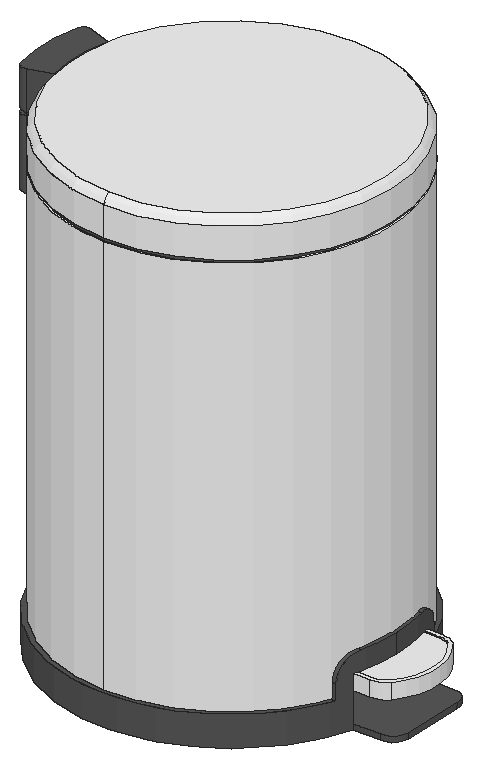
Revit family "DWBN0024_revit", category Generic Models, Revit 2017
Family settings
  Can host rebar = No
  Round Connector Dimension = Use Diameter
  Part Type = Normal
  Work Plane-Based = No
  Always vertical = Yes
  Cut with Voids When Loaded = No
  Shared = No
  Room Calculation Point = No
Parameters
  Website = "https://dolphy.in/"  # constant formula
  Material and Finish = Dolphy_CHROME
  Length = 360 mm
  Contact number = "+91 9520202035"  # constant formula
  Contact email = "info@dolphy.in"  # constant formula
  Company name = "Dolphy India"  # constant formula
Reference planes
  plane 1 "Center (Front/Back)": y = 0
  plane 2: z = 0
  plane 3 "Center (Left/Right)": x = 0
Forms (mm)
  Extrusion 1, solid, material "Dolphy_BLACK"
    sketch origin (0, 0, 0) x (1, 0, 0) y (0, 1, 0)
      loop
        circle (0, 0) r 108
    from 0 to 45
  Extrusion 2, void
    sketch origin (0, 0, 0) x (0, 1, 0) y (0, 0, 1)
      loop
        arc (-40, 30) -> (-35.607, 40.607) -> (-25, 45) r 15
        line (-25, 45) -> (25, 45)
        arc (25, 45) -> (35.607, 40.607) -> (40, 30) r 15
        line (40, 30) -> (40, 20) -> (115, 20) -> (115, 82.223) -> (-115, 82.223) -> (-115, 20) -> (-40, 20) -> (-40, 30)
    from -160.185 to 250
  Extrusion 3, void
    sketch origin (0, 0, 0) x (1, 0, 0) y (0, 0, 1)
      loop
        line (50.547, 20) -> (50.547, 65) -> (-140, 65) -> (-140, 20) -> (50.547, 20)
    from -161.535 to 250
  Extrusion 4, solid, material "Dolphy_CHROME"
    sketch origin (0, 40, 20) x (0, 1, 0) y (-1, 0, 0)
      loop
        circle (-40, 0) r 105
    from 0 to 263
  Extrusion 5, solid, material "Dolphy_BLACK"
    sketch origin (0, 0, 0) x (0, 1, 0) y (1, 0, 0)
      loop
        line (30, 101.908) -> (30, 121.908)
        arc (30, 121.908) -> (27.071, 128.979) -> (20, 131.908) r 10
        line (20, 131.908) -> (-20, 131.908)
        arc (-20, 131.908) -> (-27.071, 128.979) -> (-30, 121.908) r 10
        line (-30, 121.908) -> (-30, 103.04)
        arc (-30, 103.04) -> (-16.1, 105.814) -> (-1.956, 106.744) r 108
        arc (-1.956, 106.744) -> (14.204, 105.528) -> (30, 101.908) r 108
    from 0 to -3.5
  Extrusion 6, void
    sketch origin (0, 0, 0) x (0, 1, 0) y (0, 0, 1)
      loop
        line (-30, 3.5) -> (30, 3.5) -> (30, 27.943)
        arc (30, 27.943) -> (28.536, 31.478) -> (25, 32.943) r 5
        line (25, 32.943) -> (0, 32.943) -> (-25, 32.943)
        arc (-25, 32.943) -> (-28.536, 31.478) -> (-30, 27.943) r 5
        line (-30, 27.943) -> (-30, 3.5)
    from 64.118 to 122.795
  Extrusion 7, solid, material "Dolphy_CHROME"
    sketch origin (0.814, -5, 0) x (0, 1, 0) y (1, 0, 0)
      loop
        line (-25, 88.056) -> (35, 88.056) -> (35, 113.581)
        arc (35, 113.581) -> (33.689, 119.533) -> (30, 124.384) r 14.171
        arc (30, 124.384) -> (5, 133.565) -> (-20, 124.384) r 38.63
        arc (-20, 124.384) -> (-23.689, 119.533) -> (-25, 113.581) r 14.171
        line (-25, 113.581) -> (-25, 88.056)
    from -32.943 to -22.943
  Extrusion 8, void
    sketch origin (0.814, -5, 32.943) x (-1, 0, 0) y (0, 1, 0)
      loop
        line (-88.056, 32.5) -> (-113.581, 32.5)
        arc (-113.581, 32.5) -> (-118.483, 31.421) -> (-122.479, 28.382) r 11.671
        arc (-122.479, 28.382) -> (-131.065, 5) -> (-122.479, -18.382) r 36.13
        arc (-122.479, -18.382) -> (-118.483, -21.421) -> (-113.581, -22.5) r 11.671
        line (-113.581, -22.5) -> (-88.056, -22.5) -> (-88.056, 32.5)
    from 0 to 0.8
  Extrusion 9, void
    sketch origin (0, 40, 283) x (0, 1, 0) y (-1, 0, 0)
      loop
        circle (-40, 0) r 100
    from -237.057 to 0
  Extrusion 10, solid, material "Dolphy_BLACK"
    sketch origin (0, 40, 283) x (0, 1, 0) y (-1, 0, 0)
      loop
        circle (-40, 0) r 100
      loop
        circle (-40, 0) r 104
    from 0 to 2
  Extrusion 11, solid, material "Dolphy_CHROME"
    sketch origin (0, 40, 285) x (0, 1, 0) y (-1, 0, 0)
      loop
        circle (-40, 0) r 105
    from 0 to 25
  Sweep 12, void
    path in 3D
      loop
        arc (0, -105, 310) -> (-105, 0, 310) -> (0, 105, 310) r 105
        arc (0, 105, 310) -> (105, 0, 310) -> (0, -105, 310) r 105
    profile origin (105, 0, 310) x (1, 0, 0) y (0, 0, 1)
      loop
        arc (-7.288, 2.67) -> (-0.011, -5.411) -> (3.051, -15.847) r 24.496
        line (3.051, -15.847) -> (6.426, -15.847) -> (6.426, 2.67) -> (-7.288, 2.67)
  Extrusion 13, solid, material "Dolphy_BLACK"
    sketch origin (0, 40, 310) x (0, 1, 0) y (-1, 0, 0)
      loop
        line (-18.559, 98.586) -> (-13.346, 112.908)
        arc (-13.346, 112.908) -> (-13.598, 116.906) -> (-16.703, 119.435) r 5
        arc (-16.703, 119.435) -> (-40, 122.618) -> (-63.297, 119.435) r 86.853
        arc (-63.297, 119.435) -> (-66.402, 116.906) -> (-66.654, 112.908) r 5
        line (-66.654, 112.908) -> (-61.441, 98.586)
        arc (-61.441, 98.586) -> (-40, 100.89) -> (-18.559, 98.586) r 100.89
    from -25 to 0
  Extrusion 14, solid, material "Dolphy_BLACK"
    sketch origin (0, 40, 310) x (0, 1, 0) y (-1, 0, 0)
      loop
        line (-18.559, 98.586) -> (-13.346, 112.908)
        arc (-13.346, 112.908) -> (-13.598, 116.906) -> (-16.703, 119.435) r 5
        arc (-16.703, 119.435) -> (-40, 122.618) -> (-63.297, 119.435) r 86.853
        arc (-63.297, 119.435) -> (-66.402, 116.906) -> (-66.654, 112.908) r 5
        line (-66.654, 112.908) -> (-61.441, 98.586)
        arc (-61.441, 98.586) -> (-40, 100.89) -> (-18.559, 98.586) r 100.89
    from -72.6 to -27.6
  Extrusion 15, solid, material "Dolphy_BLACK"
    sketch origin (0, 40, 282.4) x (0, 1, 0) y (-1, 0, 0)
      loop
        arc (-17.374, 117.027) -> (-40, 120.118) -> (-62.626, 117.027) r 84.353
        arc (-62.626, 117.027) -> (-64.179, 115.762) -> (-64.305, 113.763) r 2.5
        line (-64.305, 113.763) -> (-61.39, 105.754)
        arc (-61.39, 105.754) -> (-40, 108.33) -> (-18.61, 105.754) r 90.102
        line (-18.61, 105.754) -> (-15.695, 113.763)
        arc (-15.695, 113.763) -> (-15.821, 115.762) -> (-17.374, 117.027) r 2.5
    from -2.395 to 2.6
Cuts and joins
  Extrusion 2, Extrusion 3, Extrusion 6 cuts Extrusion 1
  joined: Extrusion 1, Extrusion 5
  Extrusion 6, Extrusion 9 cuts Extrusion 4
  Extrusion 8 cuts Extrusion 7
  Sweep 12 cuts Extrusion 11
  joined: Extrusion 10, Extrusion 13, Extrusion 14, Extrusion 15
Lines and regions (mm)
  sketch lines
    curve 1: circle (0, 0, 310) r 105 normal (0, 0, -1)
Dimensions and locks
  Extrusion 5 sketch curve to Extrusion 5 sketch curve = 30 mm
  cut or joined group of Extrusion 4, Extrusion 6, Extrusion 9 to cut or joined group of Extrusion 1, Extrusion 2, Extrusion 3, Extrusion 5, Extrusion 6 = 283 mm
  Extrusion 11 to cut or joined group of Extrusion 1, Extrusion 2, Extrusion 3, Extrusion 5, Extrusion 6 = 310 mm  (x2)
  cut or joined group of Extrusion 11, Sweep 12 to cut or joined group of Extrusion 1, Extrusion 2, Extrusion 3, Extrusion 5, Extrusion 6 = 310 mm
  cut or joined group of Extrusion 10, Extrusion 13, Extrusion 14, Extrusion 15 to cut or joined group of Extrusion 1, Extrusion 2, Extrusion 3, Extrusion 5, Extrusion 6 = 240.238 mm
  diameter of cut or joined group of Extrusion 10, Extrusion 13, Extrusion 14, Extrusion 15 = 200 mm
  aligned and locked: level to plane 2
